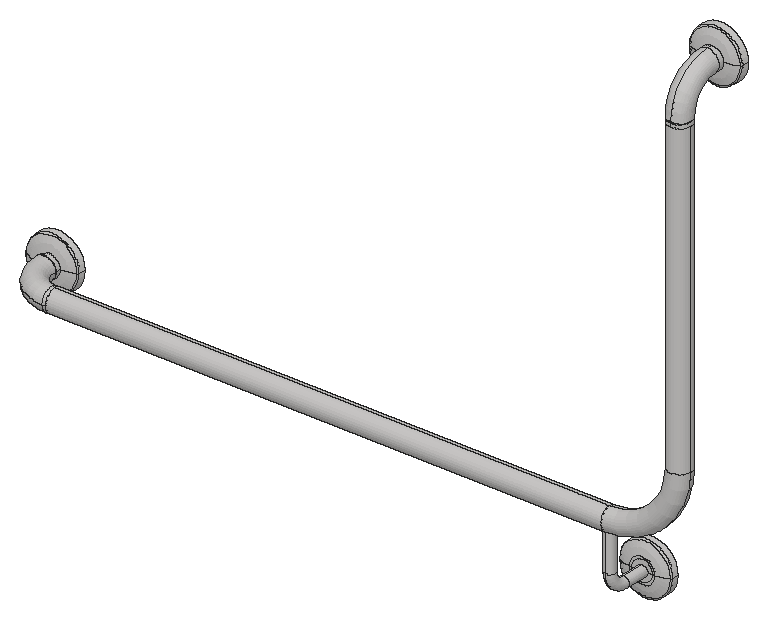
Revit family "Grab Rail_Metlam_90 Deg_Side Wall_Left", category Specialty Equipment, Revit 2016
Family settings
  Part Type = Normal
  Round Connector Dimension = Use Diameter
  OmniClass Number = 23.40.20.21.47
  OmniClass Title = Bath Grab Bars
  Work Plane-Based = No
  Always vertical = Yes
  Cut with Voids When Loaded = No
  Shared = No
  Room Calculation Point = Yes
Parameters (values of type "982w x 90d x 632h (MLR103_X)")
  Width = 982 mm  # constant formula
  URL = "http://www.metlam.com.au/"
  Type Comments = "Grab Rails"  # constant formula
  Model = "MLR103_X"
  Material_ANZRS = z_Metlam_Metal_Stainless Steel_Satin
  Manufacturer_Width = 950 mm  # constant formula
  Manufacturer_URL__Product Specific = "https://metlam.com.au/product/content/grab-rails/MLR103_X"
  Manufacturer_Spec Code = Model  # "MLR103_X"
  Manufacturer_Height From FFL [instance] = 800 mm
  Manufacturer_Height = 600 mm  # constant formula
  Manufacturer_Depth = Depth  # 90 mm
  Manufacturer = "Metlam"  # constant formula
  Keynote = ""
  Height = 632 mm  # constant formula
  Description = "90° Flush Mount Side Wall Rail LH"  # constant formula
  Depth = 90 mm  # constant formula
  CreatedBy_ANZRS = "IGS BIM Solutions"  # constant formula
  CreatedByURL_ANZRS = "http://www.igsgroup.com.au/"
  Assembly Code = ""
Reference planes
  plane 1 "Back": y = 0
  plane 2 "Ref. Level": z = 0
  plane 3 "Left": x = 0
  plane 4 "Left Wall Mount_Centre (Elevation)": z = 784
  plane 5 "Front": y = -90
  plane 6 "Middle Wall Mount_Centre (Elevation)": z = 691
  plane 7 "Right Wall Mount_Centre (Elevation)": z = 1384
  plane 8 "Mounting Height": z = 800
  plane 9 "Bottom": z = 653
  plane 10 "Horizontal Rail_Bottom": z = 768
  plane 11 "Vertical Rail_Top": z = 1400
  plane 12 "Top": z = 1423
  plane 13 "Left Wall Mount_Centre (Left/Right)": x = 39
  plane 14 "Right Wall Mount_Centre (Left/Right)": x = 989
  plane 15 "Right": x = 1028
  plane 16 "Vertical Rail_Right": x = 1005
  plane 17 "Horizontal Rail_Left": x = 23
  plane 18 "Vertical Rail_Left": x = 973
  plane 19 "Middle Wall Mount_Centre (Left/Right)": x = 889
Forms (mm)
  Revolve 1, solid, material "z_Metlam_Metal_Stainless Steel_Satin" <- "Material_ANZRS"
    sketch origin (0, 0, 1384) x (-1, 0, 0) y (0, -1, 0)
      loop
        line (-973, 16.062) -> (-973, 23.032) -> (-989, 23.032) -> (-989, 0) -> (-950, 0) -> (-951.401, 8.79)
        arc (-951.401, 8.79) -> (-951.851, 9.87) -> (-952.743, 10.627) r 2.5
        arc (-952.743, 10.627) -> (-962.591, 14.389) -> (-973, 16.062) r 51.397
      axis (-989, 23.032) -> (-989, 0)
    angle from 0 to 360
  Revolve 2, solid, material "z_Metlam_Metal_Stainless Steel_Satin" <- "Material_ANZRS"
    sketch origin (0, 0, 784) x (-1, 0, 0) y (0, -1, 0)
      loop
        arc (-55, 16.031) -> (-65.409, 14.357) -> (-75.257, 10.595) r 51.397
        arc (-75.257, 10.595) -> (-76.149, 9.838) -> (-76.599, 8.759) r 2.5
        line (-76.599, 8.759) -> (-78, 0) -> (-39, 0) -> (-39, 23) -> (-55, 23) -> (-55, 16.031)
      axis (-39, 23) -> (-39, 0)
    angle from 0 to 360
  Revolve 3, solid, material "z_Metlam_Metal_Stainless Steel_Satin" <- "Material_ANZRS"
    sketch origin (0, 0, 691) x (-1, 0, 0) y (0, -1, 0)
      loop
        line (-851, 0) -> (-851.391, 8.494)
        arc (-851.391, 8.494) -> (-851.787, 9.734) -> (-852.754, 10.607) r 2.5
        arc (-852.754, 10.607) -> (-861.634, 14.116) -> (-871.017, 15.888) r 50.422
        arc (-871.017, 15.888) -> (-872.574, 15.995) -> (-874.135, 16.031) r 34
        line (-874.135, 16.031) -> (-889, 16.031) -> (-889, 0) -> (-851, 0)
      axis (-889, 0) -> (-889, 16.031)
    angle from 0 to 360
  Sweep 4, solid, material "z_Metlam_Metal_Stainless Steel_Satin" <- "Material_ANZRS"
    path origin (889, 0, 0) x (0, 0, 1) y (0, -1, 0)
      loop
        line (691, 16.031) -> (691, 49)
        arc (691, 49) -> (698.322, 66.678) -> (716, 74) r 25
        line (716, 74) -> (784, 74)
    profile origin (889, -32.515, 691) x (0, 0, -1) y (1, 0, 0)
      loop
        circle (0, 0) r 7.5
  Sweep 5, solid, material "z_Metlam_Metal_Stainless Steel_Satin" <- "Material_ANZRS"
    path origin (0, 0, 0) x (1, 0, 0) y (0, 0, 1)
      loop
        line (94, 784) -> (889, 784)
        arc (889, 784) -> (959.711, 813.289) -> (989, 884) r 100
        line (989, 884) -> (989, 1327.713)
    profile origin (491.5, 0, 784) x (0, 0, 1) y (0, -1, 0)
      loop
        circle (0, 74) r 16
  Sweep 6, solid, material "z_Metlam_Metal_Stainless Steel_Satin" <- "Material_ANZRS"
    path origin (0, 0, 784) x (-1, 0, 0) y (0, -1, 0)
      loop
        line (-39, 23) -> (-39, 24)
        arc (-39, 24) -> (-53.645, 59.355) -> (-89, 74) r 50
        line (-89, 74) -> (-94, 74)
    profile origin (91.5, -74, 784) x (0, 1, 0) y (0, 0, 1)
      loop
        circle (0, 0) r 16
  Sweep 7, solid, material "z_Metlam_Metal_Stainless Steel_Satin" <- "Material_ANZRS"
    path origin (989, 0, 0) x (0, 0, 1) y (0, -1, 0)
      loop
        line (1384, 16.062) -> (1384, 24)
        arc (1384, 24) -> (1369.355, 59.355) -> (1334, 74) r 50
        line (1334, 74) -> (1332.713, 74) -> (1327.713, 74)
    profile origin (989, -20.031, 1384) x (0, 0, -1) y (1, 0, 0)
      loop
        circle (0, 0) r 16
Cuts and joins
  joined: Revolve 1, Revolve 2, Revolve 3, Sweep 4, Sweep 5, Sweep 6, Sweep 7
Lines and regions (mm)
  Masking region 1
    outline origin (889, 0, 784) x (-1, 0, 0) y (0, -1, 0)
      loop
        line (-84, 16.031) -> (-84, 58) -> (-7.5, 58) -> (-7.5, 16.031) -> (-16, 16.031)
        arc (-16, 16.031) -> (-26.43, 14.377) -> (-36.286, 10.586) r 50.422
        arc (-36.286, 10.586) -> (-37.21, 9.766) -> (-37.617, 8.6) r 2.455
        line (-37.617, 8.6) -> (-37.997, 0) -> (38.003, 0) -> (37.617, 8.596)
        arc (37.617, 8.596) -> (37.211, 9.764) -> (36.286, 10.586) r 2.455
        arc (36.286, 10.586) -> (26.43, 14.377) -> (16, 16.031) r 50.422
        line (16, 16.031) -> (7.5, 16.031) -> (7.5, 58) -> (800, 58)
        arc (800, 58) -> (824.042, 48.042) -> (834, 24) r 34
        line (834, 24) -> (834, 16.031)
        arc (834, 16.031) -> (823.577, 14.378) -> (813.727, 10.593) r 50.422
        arc (813.727, 10.593) -> (812.847, 9.842) -> (812.404, 8.774) r 2.482
        line (812.404, 8.774) -> (811, 0) -> (889, 0) -> (887.594, 8.788)
        arc (887.594, 8.788) -> (887.155, 9.844) -> (886.286, 10.586) r 2.455
        arc (886.286, 10.586) -> (876.43, 14.377) -> (866, 16.031) r 50.422
        line (866, 16.031) -> (866, 24)
        arc (866, 24) -> (846.669, 70.669) -> (800, 90) r 66
        line (800, 90) -> (-100, 90)
        arc (-100, 90) -> (-111.314, 85.314) -> (-116, 74) r 16
        line (-116, 74) -> (-116, 16.031)
        arc (-116, 16.031) -> (-126.43, 14.377) -> (-136.286, 10.587) r 50.422
        arc (-136.286, 10.587) -> (-137.155, 9.844) -> (-137.594, 8.788) r 2.455
        line (-137.594, 8.788) -> (-139, 0) -> (-61, 0) -> (-62.404, 8.775)
        arc (-62.404, 8.775) -> (-62.847, 9.842) -> (-63.727, 10.593) r 2.482
        arc (-63.727, 10.593) -> (-73.577, 14.379) -> (-84, 16.031) r 50.422
  symbolic lines, style "Grab Rails", detail levels medium+fine
    curve 1: line (55, -16.031, 784) -> (23, -16.031, 784)
    curve 2: line (1005.001, -16.031, 784) -> (972.999, -16.031, 784)
    curve 3: line (881.5, -16.031, 0) -> (896.5, -16.031, 0)
    curve 4: line (881.5, -58, 0) -> (896.5, -58, 0)
  symbolic lines, style "Grab Rails"
    curve 5: line (973, -74, 784) -> (973, -58, 784)
    curve 6: arc (973, -74, 0) -> (977.686, -85.314, 0) -> (989, -90, 0) r 16
Text (mm)
  text "> Contact Manufacturer to confirm feasibility of design variations outside the scope of this Revit Family\n\n\n\nDisclaimer:\n\nDue to ongoing product development and manufacturing evolution, product details are subject to change without notice. Please refer to product technical data sheets on the manufacturer’s website for the most current product information. Please allow a +/- 5mm manufacturing tolerance for dimensions and set-outs shown in product literature." at (1166.651, 180.11, 0), in view "Ref. Level_Instruction"
Dimensions and locks
  "Manufacturer_Height From FFL": plane 8 "Mounting Height" to plane 2 "Ref. Level"
  "Depth": plane 5 "Front" to plane 1 "Back"
  "Height": plane 11 "Vertical Rail_Top" to plane 10 "Horizontal Rail_Bottom"
  locked: plane 12 "Top" to plane 11 "Vertical Rail_Top" at 23
  locked: plane 8 "Mounting Height" to plane 4 "Left Wall Mount_Centre (Elevation)" at 16
  locked: plane 4 "Left Wall Mount_Centre (Elevation)" to plane 10 "Horizontal Rail_Bottom" at 16
  locked: plane 6 "Middle Wall Mount_Centre (Elevation)" to plane 9 "Bottom" at 38
  locked: plane 10 "Horizontal Rail_Bottom" to plane 6 "Middle Wall Mount_Centre (Elevation)" at 77
  "Manufacturer_Height": plane 7 "Right Wall Mount_Centre (Elevation)" to plane 4 "Left Wall Mount_Centre (Elevation)"
  "Width": plane 17 "Horizontal Rail_Left" to plane 16 "Vertical Rail_Right"
  "Manufacturer_Width": plane 13 "Left Wall Mount_Centre (Left/Right)" to plane 14 "Right Wall Mount_Centre (Left/Right)"
  aligned and locked: level to plane 2 "Ref. Level"
Automatic sketch dimensions
  Masking region 1 sketch curve to Masking region 1 sketch curve = 0 mm  (x7)
  plane 1 "Back" to Masking region 1 sketch curve = 0 mm  (x3)
  plane 1 "Back" to Masking region 1 sketch curve = 8.788 mm  (x2)
  Masking region 1 sketch curve to Masking region 1 sketch curve = 1.406 mm  (x2)
  Masking region 1 sketch curve to Masking region 1 sketch curve = 2.424 mm  (x2)
  plane 1 "Back" to Masking region 1 sketch curve = 8.382 mm
  Masking region 1 sketch curve to Masking region 1 sketch curve = 19.145 mm
  plane 1 "Back" to Masking region 1 sketch curve = 8.775 mm
  Masking region 1 sketch curve to Masking region 1 sketch curve = 2.451 mm  (x2)
  Masking region 1 sketch curve to Masking region 1 sketch curve = 1.404 mm  (x2)
  Masking region 1 sketch curve to Masking region 1 sketch curve = 23.003 mm
  plane 1 "Back" to Masking region 1 sketch curve = 8.6 mm
  Masking region 1 sketch curve to Masking region 1 sketch curve = 0.38 mm
  Masking region 1 sketch curve to Masking region 1 sketch curve = 2.447 mm  (x2)
  plane 3 "Left" to Masking region 1 sketch curve = 905 mm
  plane 3 "Left" to Masking region 1 sketch curve = 902.36 mm
  plane 3 "Left" to Masking region 1 sketch curve = 896.5 mm
  plane 3 "Left" to Masking region 1 sketch curve = 881.5 mm
  plane 3 "Left" to Masking region 1 sketch curve = 875.64 mm
  Masking region 1 sketch curve to Masking region 1 sketch curve = 8.5 mm
  plane 1 "Back" to Masking region 1 sketch curve = 8.4 mm  (x2)
  Masking region 1 sketch curve to Masking region 1 sketch curve = 19.17 mm  (x4)
  plane 1 "Back" to Masking region 1 sketch curve = 8.596 mm
  Masking region 1 sketch curve to Masking region 1 sketch curve = 0.386 mm
  Masking region 1 sketch curve to Masking region 1 sketch curve = 11 mm
  plane 1 "Back" to Masking region 1 sketch curve = 8.774 mm
  Masking region 1 sketch curve to plane 1 "Back" = 34.322 mm  (x3)
  Masking region 1 sketch curve to Masking region 1 sketch curve = 0.392 mm
  Masking region 1 sketch curve to Masking region 1 sketch curve = 0.2 mm
  Masking region 1 sketch curve to Masking region 1 sketch curve = 0.388 mm
  plane 1 "Back" to Masking region 1 sketch curve = 16.031 mm  (x5)
  Masking region 1 sketch curve to Masking region 1 sketch curve = 7.969 mm
  Masking region 1 sketch curve to Masking region 1 sketch curve = 16 mm  (x2)
  plane 1 "Back" to curve 1 = 16.031 mm
  plane 1 "Back" to curve 2 = 16.031 mm
  plane 5 "Front" to curve 5 = 32 mm
  plane 5 "Front" to curve 5 = 16 mm
  plane 3 "Left" to curve 3 = 896.5 mm
  plane 3 "Left" to curve 4 = 896.5 mm
  plane 3 "Left" to curve 3 = 881.5 mm
  plane 3 "Left" to curve 4 = 881.5 mm
  curve 6 to plane 5 "Front" = 0 mm
  plane 5 "Front" to curve 4 = 32 mm
  plane 1 "Back" to curve 3 = 16.031 mm
  Sweep 4 sketch curve to profile plane = 0 mm  (x2)
  profile plane to Sweep 5 sketch curve = 0 mm
  profile plane to Sweep 5 sketch curve = 74 mm
  Sweep 6 sketch curve to profile plane = 0 mm  (x2)
  Sweep 7 sketch curve to profile plane = 0 mm  (x2)
  plane 5 "Front" to curve 6 = 16 mm
  curve 4 to curve 6 = 92.5 mm
  Masking region 1 sketch curve to Masking region 1 sketch curve = 25.64 mm  (x2)
  Masking region 1 sketch curve to plane 5 "Front" = 0 mm
  Masking region 1 sketch curve to Masking region 1 sketch curve = 26.719 mm  (x2)
  Masking region 1 sketch curve to Masking region 1 sketch curve = 32 mm
  plane 5 "Front" to Masking region 1 sketch curve = 32 mm
  Masking region 1 sketch curve to Masking region 1 sketch curve = 762.383 mm
  plane 3 "Left" to curve 2 = 1005.001 mm
  curve 2 to curve 5 = 32.001 mm
  curve 2 to curve 2 = 32.002 mm
  plane 3 "Left" to curve 1 = 55 mm
  curve 1 to curve 1 = 32 mm
  plane 1 "Back" to Revolve 2 sketch curve = 0 mm
  Revolve 2 sketch curve to plane 13 "Left Wall Mount_Centre (Left/Right)" = 0 mm  (x2)
  plane 13 "Left Wall Mount_Centre (Left/Right)" to Revolve 2 sketch curve = 13.089 mm
  Revolve 2 sketch curve to Revolve 2 sketch curve = 16 mm
  plane 1 "Back" to Revolve 2 sketch curve = 8.364 mm
  Revolve 2 sketch curve to Revolve 2 sketch curve = 19.13 mm
  plane 1 "Back" to Revolve 2 sketch curve = 8.759 mm
  Revolve 2 sketch curve to Revolve 2 sketch curve = 2.469 mm
  Revolve 2 sketch curve to Revolve 2 sketch curve = 1.401 mm
  Revolve 2 sketch curve to plane 1 "Back" = 35.283 mm
  plane 1 "Back" to Revolve 2 sketch curve = 16.031 mm
  Revolve 2 sketch curve to Revolve 2 sketch curve = 6.969 mm
  Revolve 2 sketch curve to Revolve 2 sketch curve = 4.717 mm
  plane 1 "Back" to Revolve 2 sketch curve = 10 mm
  Sweep 5 sketch curve to plane 4 "Left Wall Mount_Centre (Elevation)" = 0 mm
  Sweep 5 sketch curve to plane 14 "Right Wall Mount_Centre (Left/Right)" = 0 mm
  Sweep 5 sketch curve to plane 18 "Vertical Rail_Left" = 84 mm
  plane 13 "Left Wall Mount_Centre (Left/Right)" to Sweep 5 sketch curve = 55 mm
  Sweep 5 sketch curve to plane 7 "Right Wall Mount_Centre (Elevation)" = 56.287 mm
  Sweep 6 sketch curve to plane 13 "Left Wall Mount_Centre (Left/Right)" = 0 mm
  plane 5 "Front" to Sweep 6 sketch curve = 16 mm
  plane 13 "Left Wall Mount_Centre (Left/Right)" to Sweep 6 sketch curve = 50 mm
  Sweep 6 sketch curve to Sweep 6 sketch curve = 5 mm
  Sweep 6 sketch curve to Sweep 6 sketch curve = 1 mm
  Sweep 4 sketch curve to plane 6 "Middle Wall Mount_Centre (Elevation)" = 0 mm
  Sweep 4 sketch curve to plane 4 "Left Wall Mount_Centre (Elevation)" = 0 mm
  Sweep 4 sketch curve to Sweep 4 sketch curve = 25 mm
  plane 5 "Front" to Sweep 4 sketch curve = 41 mm
  plane 1 "Back" to Sweep 4 sketch curve = 16.031 mm
  Revolve 3 sketch curve to plane 19 "Middle Wall Mount_Centre (Left/Right)" = 0 mm  (x2)
  plane 1 "Back" to Revolve 3 sketch curve = 0 mm  (x2)
  Revolve 3 sketch curve to plane 19 "Middle Wall Mount_Centre (Left/Right)" = 13.36 mm
  Revolve 3 sketch curve to plane 19 "Middle Wall Mount_Centre (Left/Right)" = 14.865 mm
  plane 1 "Back" to Revolve 3 sketch curve = 8.379 mm
  Revolve 3 sketch curve to Revolve 3 sketch curve = 20.246 mm
  plane 1 "Back" to Revolve 3 sketch curve = 8.494 mm
  Revolve 3 sketch curve to Revolve 3 sketch curve = 2.497 mm
  Revolve 3 sketch curve to Revolve 3 sketch curve = 0.391 mm
  Revolve 3 sketch curve to plane 1 "Back" = 17.969 mm
  Revolve 3 sketch curve to Revolve 3 sketch curve = 16.353 mm
  plane 1 "Back" to Revolve 3 sketch curve = 16.031 mm
  Revolve 3 sketch curve to Revolve 3 sketch curve = 0 mm
  Revolve 3 sketch curve to Revolve 3 sketch curve = 11.61 mm
  Sweep 7 sketch curve to plane 7 "Right Wall Mount_Centre (Elevation)" = 0 mm
  plane 1 "Back" to Sweep 7 sketch curve = 24 mm
  Sweep 7 sketch curve to plane 7 "Right Wall Mount_Centre (Elevation)" = 50 mm
  Sweep 7 sketch curve to Sweep 7 sketch curve = 1.287 mm
  Sweep 7 sketch curve to Sweep 7 sketch curve = 5 mm
  Sweep 7 sketch curve to Sweep 7 sketch curve = 7.938 mm
  Revolve 1 sketch curve to plane 14 "Right Wall Mount_Centre (Left/Right)" = 0 mm  (x2)
  plane 1 "Back" to Revolve 1 sketch curve = 0 mm
  Revolve 1 sketch curve to plane 18 "Vertical Rail_Left" = 0 mm
  plane 18 "Vertical Rail_Left" to Revolve 1 sketch curve = 2.911 mm
  plane 1 "Back" to Revolve 1 sketch curve = 8.395 mm
  Revolve 1 sketch curve to plane 18 "Vertical Rail_Left" = 19.13 mm
  plane 1 "Back" to Revolve 1 sketch curve = 8.79 mm
  Revolve 1 sketch curve to Revolve 1 sketch curve = 2.469 mm
  Revolve 1 sketch curve to Revolve 1 sketch curve = 1.401 mm
  Revolve 1 sketch curve to plane 1 "Back" = 35.252 mm
  plane 1 "Back" to Revolve 1 sketch curve = 16.062 mm
  Revolve 1 sketch curve to Revolve 1 sketch curve = 6.969 mm
  Revolve 1 sketch curve to Revolve 1 sketch curve = 4.717 mm
  plane 1 "Back" to Revolve 1 sketch curve = 10.032 mm
  radius of Sweep 4 sketch curve = 7.5 mm
  radius of Sweep 5 sketch curve = 16 mm
  radius of Sweep 6 sketch curve = 16 mm
  radius of Sweep 7 sketch curve = 16 mm
